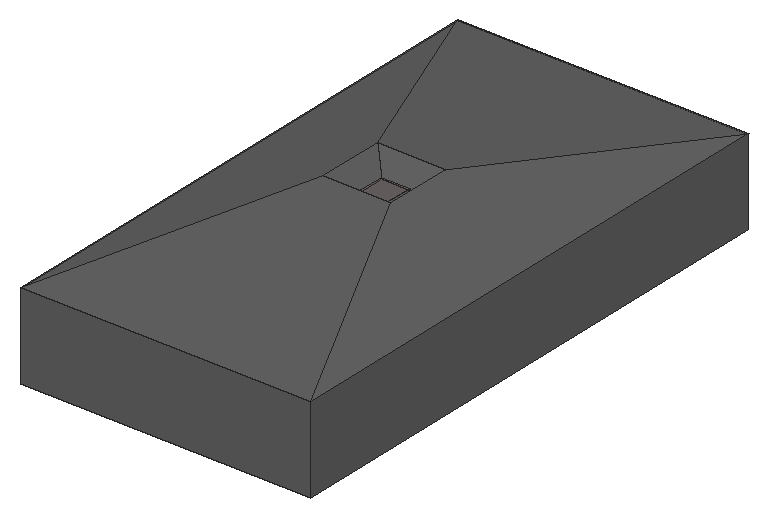
Revit family "Proximity Reader_P-300_Farpointe_R17", category Security Devices, host Face, Revit 2017
Family settings
  Host = Face
  Maintain Annotation Orientation = No
  Round Connector Dimension = Use Diameter
  Part Type = Normal
  Cut with Voids When Loaded = No
  Shared = No
  Room Calculation Point = No
Parameters
  Width = 1.7"
  URL - Quick Start Guides [instance] = "http://farpointedata.com/downloads/qsg_and_ref/ProximityReaders_QSG.pdf"
  URL - Mounting Guides Letter Size [instance] = "http://farpointedata.com/downloads/mounting_guides/MountingGuide_P300_Ltr.pdf"
  URL - Mounting Guides A4 Size [instance] = "http://farpointedata.com/downloads/mounting_guides/MountingGuide_P300_A4.pdf"
  URL - Data Sheets [instance] = "http://farpointedata.com/downloads/datasheets/P300_TDS.pdf"
  URL - Bid Specifications [instance] = "http://farpointedata.com/downloads/bid_specs/Farpointe_Pyramid_Specification.docx"
  URL = "http://www.farpointedata.com/"
  Modeled By [instance] = "www.commensestudio.com"
  Model = "P-300"  # constant formula
  Manufacturer = "Farpointe Data"  # constant formula
  LED [instance] = LED
  Height = 3.2"
  Description = "Mullion Mount"  # constant formula
  Depth = 0.7"
  Default Elevation = 48"
  Cover [instance] = Cover
Reference planes (in)
  plane 1 "Center (Front/Back)": y = 0
  plane 2: z = 0
  plane 3 "Center (Left/Right)": x = 0
  plane 4: x = -0.85
  plane 5: x = 0.85
  plane 6: y = 1.6
  plane 7: y = -1.6
  plane 8: z = 0.7
Forms (in)
  Extrusion 1, solid, material "Cover" <- "Cover"
    sketch origin (0, 0, 0) x (1, 0, 0) y (0, 1, 0)
      loop
        line (-0.85, -1.6) -> (0.85, -1.6) -> (0.85, 1.6) -> (-0.85, 1.6) -> (-0.85, -1.6)
    from 0 to 0.5
  Blend 2, solid, material "Cover" <- "Cover"
    base sketch origin (0, 0, 0) x (1, 0, 0) y (0, 1, 0)
      loop
        line (-0.85, 1.6) -> (-0.85, -1.6) -> (0.85, -1.6) -> (0.85, 1.6) -> (-0.85, 1.6)
    top sketch origin (0, 0, 0) x (1, 0, 0) y (0, 1, 0)
      loop
        line (-0.19907, -0.19907) -> (0.19907, -0.19907) -> (0.19907, 0.19907) -> (-0.19907, 0.19907) -> (-0.19907, -0.19907)
    from 0.5 to 0.7
  Extrusion 3, solid, material "LED" <- "LED"
    sketch origin (0, 0, 0) x (1, 0, 0) y (0, 1, 0)
      loop
        line (0.085, -0.085) -> (0.085, 0.085) -> (-0.085, 0.085) -> (-0.085, -0.085) -> (0.085, -0.085)
    from 0.5 to 0.61
  Blend 4, void
    base sketch origin (0, 0, 0) x (1, 0, 0) y (0, 1, 0)
      loop
        line (-0.085, 0.085) -> (-0.085, -0.085) -> (0.085, -0.085) -> (0.085, 0.085) -> (-0.085, 0.085)
    top sketch origin (0, 0, 0) x (1, 0, 0) y (0, 1, 0)
      loop
        line (-0.19907, 0.19907) -> (-0.19907, -0.19907) -> (0.19907, -0.19907) -> (0.19907, 0.19907) -> (-0.19907, 0.19907)
    from 0.6 to 0.7
Cuts and joins
  Blend 4 cuts Blend 2
Dimensions and locks (in)
  equal spacing: plane 7, plane 1 "Center (Front/Back)", plane 6
  equal spacing: plane 4, plane 3 "Center (Left/Right)", plane 5
  "Height": plane 7 to plane 6
  "Width": plane 4 to plane 5
  "Depth": plane 8 to level
  aligned and locked: plane 2 to host face
  aligned and locked: level to host face
Automatic sketch dimensions
  host sketch curve to host sketch curve = 96"  (x2)
  Extrusion 1 sketch curve to plane 4 = 0"
  Extrusion 1 sketch curve to plane 5 = 0"
  plane 7 to Extrusion 1 sketch curve = 0"
  plane 6 to Extrusion 1 sketch curve = 0"
  Blend 2 sketch curve to plane 4 = 0"
  Blend 2 sketch curve to plane 5 = 0"
  plane 7 to Blend 2 sketch curve = 0"
  plane 6 to Blend 2 sketch curve = 0"
  Extrusion 3 sketch curve to plane 3 "Center (Left/Right)" = 0.085"
  plane 3 "Center (Left/Right)" to Extrusion 3 sketch curve = 0.085"
  plane 1 "Center (Front/Back)" to Extrusion 3 sketch curve = 0.085"
  Extrusion 3 sketch curve to plane 1 "Center (Front/Back)" = 0.085"
  Blend 4 sketch curve to plane 3 "Center (Left/Right)" = 0.085"
  plane 3 "Center (Left/Right)" to Blend 4 sketch curve = 0.085"
  plane 1 "Center (Front/Back)" to Blend 4 sketch curve = 0.085"
  Blend 4 sketch curve to plane 1 "Center (Front/Back)" = 0.085"
  Blend 4 sketch curve to plane 3 "Center (Left/Right)" = 0.19907"
  plane 3 "Center (Left/Right)" to Blend 4 sketch curve = 0.19907"
  plane 1 "Center (Front/Back)" to Blend 4 sketch curve = 0.19907"
  Blend 4 sketch curve to plane 1 "Center (Front/Back)" = 0.19907"
  Blend 2 sketch curve to plane 3 "Center (Left/Right)" = 0.19907"
  Blend 2 sketch curve to plane 1 "Center (Front/Back)" = 0.19907"
  plane 3 "Center (Left/Right)" to Blend 2 sketch curve = 0.19907"
  plane 1 "Center (Front/Back)" to Blend 2 sketch curve = 0.19907"
Connectors (in)
  electrical at (0, 0, 0)
    settings: index 3, voltage 0 V, apparent load 0 VA, apparent load phase1 0 VA, apparent load phase2 0 VA, apparent load phase3 0 VA, power factor 1, load classification "Other", number of poles 1, system type 10, power factor state 1, is connector primary yes, connector utility no, sub classification motor no, connector description ""
